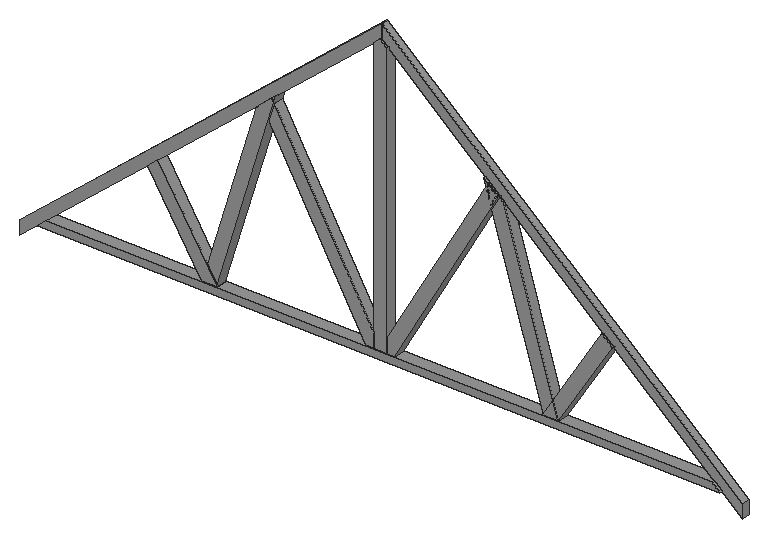
Revit family "ModifiedQueenTruss", category Structural Framing, Revit 2022
Family settings
  Section Shape = Not Defined
  Material for Model Behavior = Other
  Always export as geometry = No
  OmniClass Number = 23.25.30.21.14
  OmniClass Title = Trussed Beams and Joists
  Work Plane-Based = No
  Always vertical = Yes
  Cut with Voids When Loaded = No
  Symbolic Representation = From Family
  Shared = No
  Show family pre-cut in plan views = Yes
Parameters
  WebWidth [instance] = 150 mm
  WebDepth [instance] = 200 mm
  TopWidth [instance] = 100 mm
  T_Volume [instance] = 0.00 m³
  Structural Material [instance] = Poche
  SpanRight [instance] = 5000 mm
  SpanLeft [instance] = 5000 mm
  Span [instance] = SpanLeft + SpanRight  # 10000 mm
  SlopeRight [instance] = 40.00°
  SlopeLeft [instance] = 40.00°
  OverhangRight [instance] = 300 mm
  OverhangLeft [instance] = 300 mm
  BottomWidth [instance] = 200 mm
  BottomDepth [instance] = 100 mm
  TopDepth [instance] = 150 mm
Reference planes
  plane 1 "Center (Front/Back)": y = 0
  plane 2: z = 0
  plane 3 "Center (Left/Right)": x = 0
  plane 4: x = 5000
  plane 5: x = 5300
  plane 6: x = -5000
  plane 7: x = -5300
  plane 8: z = 100
  plane 9: x = 100
  plane 10: x = -100
  plane 11: y = 50
  plane 12: y = 75
  plane 13: y = 100
  plane 14: y = -50
  plane 15: y = -75
  plane 16: y = -100
  plane 17: x = 1666.667
  plane 18: x = 3333.333
  plane 19: x = -1666.667
  plane 20: x = -3333.333
  plane 21: x = 2500
  plane 22: x = -2500
Forms (mm)
  Extrusion 1, solid, material "Cherry"
    sketch origin (0, 0, 0) x (1, 0, 0) y (0, 0, 1)
      loop
        line (-5300, -251.73) -> (0, 4195.498) -> (0, 4391.309) -> (-5300, -55.919) -> (-5300, -251.73)
    from -50 to 50
  Extrusion 2, solid, material "Cherry"
    sketch origin (0, 0, 0) x (1, 0, 0) y (0, 0, 1)
      loop
        line (5300, -251.73) -> (5300, -55.919) -> (0, 4391.309) -> (0, 4195.498) -> (5300, -251.73)
    from -50 to 50
  Extrusion 3, solid, material "Cherry"
    sketch origin (0, 0, 0) x (1, 0, 0) y (0, 0, 1)
      loop
        line (-5000, 0) -> (5000, 0) -> (4880.825, 100) -> (-4880.825, 100) -> (-5000, 0)
    from -100 to 100
  Extrusion 4, solid, material "Cherry"
    sketch origin (0, 0, 0) x (1, 0, 0) y (0, 0, 1)
      loop
        line (-2381.178, 100) -> (-3256.101, 1463.305) -> (-3410.565, 1333.694) -> (-2618.822, 100) -> (-2381.178, 100)
    from -75 to 75
  Extrusion 5, solid, material "Cherry"
    sketch origin (0, 0, 0) x (1, 0, 0) y (0, 0, 1)
      loop
        line (-1525.367, 2915.563) -> (-1807.966, 2678.434) -> (-2604.665, 100) -> (-2395.335, 100) -> (-1525.367, 2915.563)
    from -75 to 75
  Extrusion 6, solid, material "Cherry"
    sketch origin (0, 0, 0) x (1, 0, 0) y (0, 0, 1)
      loop
        line (1807.966, 2678.434) -> (1525.367, 2915.563) -> (2395.335, 100) -> (2604.665, 100) -> (1807.966, 2678.434)
    from -75 to 75
  Extrusion 7, solid, material "Cherry"
    sketch origin (0, 0, 0) x (1, 0, 0) y (0, 0, 1)
      loop
        line (3410.565, 1333.694) -> (3256.101, 1463.305) -> (2381.178, 100) -> (2618.822, 100) -> (3410.565, 1333.694)
    from -75 to 75
  Extrusion 8, solid, material "Cherry"
    sketch origin (0, 0, 0) x (1, 0, 0) y (0, 0, 1)
      loop
        line (-1744.417, 2731.759) -> (-215.648, 100) -> (-100, 100) -> (-100, 299.086) -> (-1588.917, 2862.239) -> (-1744.417, 2731.759)
    from -75 to 75
  Extrusion 9, solid, material "Cherry"
    sketch origin (0, 0, 0) x (1, 0, 0) y (0, 0, 1)
      loop
        line (1744.417, 2731.759) -> (1588.917, 2862.239) -> (100, 299.086) -> (100, 100) -> (215.648, 100) -> (1744.417, 2731.759)
    from -75 to 75
  Extrusion 10, solid, material "Cherry"
    sketch origin (0, 0, 0) x (1, 0, 0) y (0, 0, 1)
      loop
        line (100, 100) -> (100, 4111.588) -> (0, 4195.498) -> (-100, 4111.588) -> (-100, 100) -> (100, 100)
    from -75 to 75
Lines and regions (mm)
  reference lines
    curve 1: line (5000, 0, 0) -> (0, 0, 4195.498)
    curve 2: line (5233.359, 0, 0) -> (95, 0, 4311.595)
    curve 3: line (-5000, 0, 0) -> (0, 0, 4195.498)
    curve 4: line (-5088.866, 0, 121.244) -> (-137.055, 0, 4276.306)
    curve 5: line (1666.667, 0, 2796.999) -> (100, 0, 100)
    curve 6: line (1666.667, 0, 2796.999) -> (2500, 0, 100)
    curve 7: line (3333.333, 0, 1398.499) -> (2500, 0, 100)
    curve 8: line (-100, 0, 100) -> (-1666.667, 0, 2796.999)
    curve 9: line (-1666.667, 0, 2796.999) -> (-2500, 0, 100)
    curve 10: line (-2500, 0, 100) -> (-3333.333, 0, 1398.499)
    curve 11: line (3204.078, 0, 1382.243) -> (2483.161, 0, 258.909)
    curve 12: line (3462.588, 0, 1414.756) -> (2553.917, 0, -1.134)
    curve 13: line (1841.023, 0, 2571.45) -> (2614.273, 0, 68.905)
    curve 14: line (1492.311, 0, 3022.547) -> (2499.435, 0, -236.91)
    curve 15: line (16.134, 0, 99.163) -> (-1531.311, 0, 2763.071)
    curve 16: line (-87.598, 0, -120.437) -> (-1802.023, 0, 2830.927)
    curve 17: line (-1841.023, 0, 2571.45) -> (-2614.273, 0, 68.905)
    curve 18: line (-1492.311, 0, 3022.547) -> (-2499.435, 0, -236.91)
    curve 19: line (-2483.161, 0, 258.909) -> (-3204.078, 0, 1382.243)
    curve 20: line (-2553.917, 0, -1.134) -> (-3462.588, 0, 1414.756)
    curve 21: line (1463.633, 0, 2646.564) -> (-103.86, 0, -51.858)
    curve 22: line (1869.701, 0, 2947.434) -> (-92.483, 0, -430.443)
Dimensions and locks
  "OverhangLeft": plane 4 to plane 5
  "OverhangRight": plane 6 to plane 7
  "SpanRight": plane 3 "Center (Left/Right)" to plane 6
  "SpanLeft": plane 3 "Center (Left/Right)" to plane 4
  "BottomDepth": level to plane 8
  equal spacing: plane 10, plane 3 "Center (Left/Right)", plane 9
  "WebDepth": plane 10 to plane 9
  "TopDepth": curve 1 to curve 2
  "TopDepth": curve 4 to curve 3
  equal spacing: plane 11, plane 1 "Center (Front/Back)", plane 14
  equal spacing: plane 12, plane 1 "Center (Front/Back)", plane 15
  equal spacing: plane 13, plane 1 "Center (Front/Back)", plane 16
  "TopWidth": plane 11 to plane 14
  "WebWidth": plane 12 to plane 15
  "BottomWidth": plane 13 to plane 16
  equal spacing: plane 4, plane 18, plane 17, plane 3 "Center (Left/Right)"
  equal spacing: plane 3 "Center (Left/Right)", plane 19, plane 20, plane 6
  equal spacing: plane 18, plane 21, plane 17
  equal spacing: plane 20, plane 22, plane 19
  equal spacing: curve 12, curve 7, curve 11
  equal spacing: curve 13, curve 6, curve 14
  equal spacing: curve 16, curve 8, curve 15
  equal spacing: curve 18, curve 9, curve 17
  equal spacing: curve 20, curve 10, curve 19
  "WebDepth": curve 12 to curve 11
  "WebDepth": curve 13 to curve 14
  "WebDepth": curve 18 to curve 17
  "WebDepth": curve 16 to curve 15
  "WebDepth": curve 20 to curve 19
  equal spacing: curve 22, curve 5, curve 21
  "WebDepth": curve 22 to curve 21
  "SlopeLeft": angle level to curve 1
  "SlopeRight": angle curve 3 to level
  aligned and locked: plane 2 to level
  aligned and locked: level to curve 1
  aligned and locked: plane 3 "Center (Left/Right)" to curve 1
  aligned and locked: plane 4 to curve 1
  aligned and locked: plane 6 to curve 3
  aligned and locked: plane 8 to curve 5
  aligned and locked: Extrusion 1 sketch curve to curve 3
  aligned and locked: Extrusion 1 sketch curve to curve 4
  aligned and locked: plane 3 "Center (Left/Right)" to Extrusion 1 sketch curve
  aligned and locked: Extrusion 1 sketch curve to plane 7
  aligned and locked: Extrusion 2 sketch curve to curve 1
  aligned and locked: Extrusion 2 sketch curve to curve 2
  aligned and locked: plane 3 "Center (Left/Right)" to Extrusion 2 sketch curve
  aligned and locked: plane 5 to Extrusion 2 sketch curve
  aligned and locked: level to Extrusion 3 sketch curve
  aligned and locked: plane 8 to Extrusion 3 sketch curve
  aligned and locked: Extrusion 1 to Extrusion 3 sketch curve
  aligned and locked: Extrusion 2 to Extrusion 3 sketch curve
  aligned and locked: Extrusion 3 to plane 13
  aligned and locked: Extrusion 3 to plane 16
  aligned and locked: Extrusion 1 to plane 11
  aligned and locked: Extrusion 1 to plane 14
  aligned and locked: Extrusion 2 to plane 11
  aligned and locked: Extrusion 2 to plane 14
  aligned and locked: Extrusion 4 sketch curve to curve 19
  aligned and locked: curve 20 to Extrusion 4 sketch curve
  aligned and locked: Extrusion 1 to Extrusion 4 sketch curve
  aligned and locked: Extrusion 3 to Extrusion 4 sketch curve
  aligned and locked: curve 18 to Extrusion 5 sketch curve
  aligned and locked: Extrusion 5 sketch curve to curve 17
  aligned and locked: Extrusion 1 to Extrusion 5 sketch curve
  aligned and locked: Extrusion 3 to Extrusion 5 sketch curve
  aligned and locked: Extrusion 6 sketch curve to curve 13
  aligned and locked: curve 14 to Extrusion 6 sketch curve
  aligned and locked: Extrusion 2 to Extrusion 6 sketch curve
  aligned and locked: Extrusion 3 to Extrusion 6 sketch curve
  aligned and locked: curve 12 to Extrusion 7 sketch curve
  aligned and locked: Extrusion 7 sketch curve to curve 11
  aligned and locked: Extrusion 2 to Extrusion 7 sketch curve
  aligned and locked: Extrusion 3 to Extrusion 7 sketch curve
  aligned and locked: Extrusion 1 to Extrusion 8 sketch curve
  aligned and locked: curve 15 to Extrusion 8 sketch curve
  aligned and locked: curve 16 to Extrusion 8 sketch curve
  aligned and locked: plane 10 to Extrusion 8 sketch curve
  aligned and locked: Extrusion 3 to Extrusion 8 sketch curve
  aligned and locked: curve 22 to Extrusion 9 sketch curve
  aligned and locked: Extrusion 9 sketch curve to curve 21
  aligned and locked: Extrusion 2 to Extrusion 9 sketch curve
  aligned and locked: Extrusion 3 to Extrusion 9 sketch curve
  aligned and locked: Extrusion 9 sketch curve to plane 9
  aligned and locked: Extrusion 10 sketch curve to plane 9
  aligned and locked: plane 10 to Extrusion 10 sketch curve
  aligned and locked: Extrusion 3 to Extrusion 10 sketch curve
  aligned and locked: Extrusion 10 sketch curve to Extrusion 2
  aligned and locked: Extrusion 1 to Extrusion 10 sketch curve
  aligned and locked: Extrusion 5 to plane 12
  aligned and locked: Extrusion 5 to plane 15
  aligned and locked: Extrusion 4 to plane 12
  aligned and locked: Extrusion 4 to plane 15
  aligned and locked: Extrusion 8 to plane 12
  aligned and locked: Extrusion 8 to plane 15
  aligned and locked: Extrusion 7 to plane 12
  aligned and locked: Extrusion 7 to plane 15
  aligned and locked: Extrusion 9 to plane 12
  aligned and locked: Extrusion 9 to plane 15
  aligned and locked: Extrusion 10 to plane 12
  aligned and locked: Extrusion 10 to plane 15
  aligned and locked: Extrusion 6 to plane 12
  aligned and locked: Extrusion 6 to plane 15
Automatic sketch dimensions
  plane 20 to curve 10 = 0 mm
  curve 9 to plane 8 = 0 mm
  curve 9 to plane 22 = 0 mm
  plane 19 to curve 9 = 0 mm
  curve 8 to plane 8 = 0 mm
  curve 8 to plane 10 = 0 mm
  plane 9 to curve 5 = 0 mm
  curve 6 to plane 17 = 0 mm
  curve 7 to plane 8 = 0 mm
  curve 7 to plane 21 = 0 mm
  curve 7 to plane 18 = 0 mm
  curve 2 to level = 0 mm
  curve 4 to plane 8 = 21.244 mm
  plane 20 to curve 20 = 129.255 mm
  curve 19 to plane 20 = 129.255 mm
  plane 8 to curve 17 = 31.095 mm
  level to curve 20 = 1.134 mm
  plane 22 to curve 18 = 0.565 mm
  plane 22 to curve 19 = 16.839 mm
  plane 19 to curve 17 = 174.356 mm
  plane 19 to curve 16 = 135.356 mm
  curve 15 to plane 19 = 135.356 mm
  curve 18 to plane 19 = 174.356 mm
  curve 4 to plane 10 = 37.055 mm
  curve 21 to plane 10 = 3.86 mm
  plane 10 to curve 22 = 7.517 mm
  plane 10 to curve 16 = 12.402 mm
  plane 8 to curve 15 = 0.837 mm
  plane 9 to curve 2 = 5 mm
  curve 21 to plane 17 = 203.034 mm
  curve 14 to plane 17 = 174.356 mm
  plane 17 to curve 13 = 174.356 mm
  plane 17 to curve 22 = 203.034 mm
  curve 11 to plane 21 = 16.839 mm
  curve 14 to plane 21 = 0.565 mm
  level to curve 12 = 1.134 mm
  plane 8 to curve 13 = 31.095 mm
  curve 11 to plane 18 = 129.255 mm
  plane 18 to curve 12 = 129.255 mm
